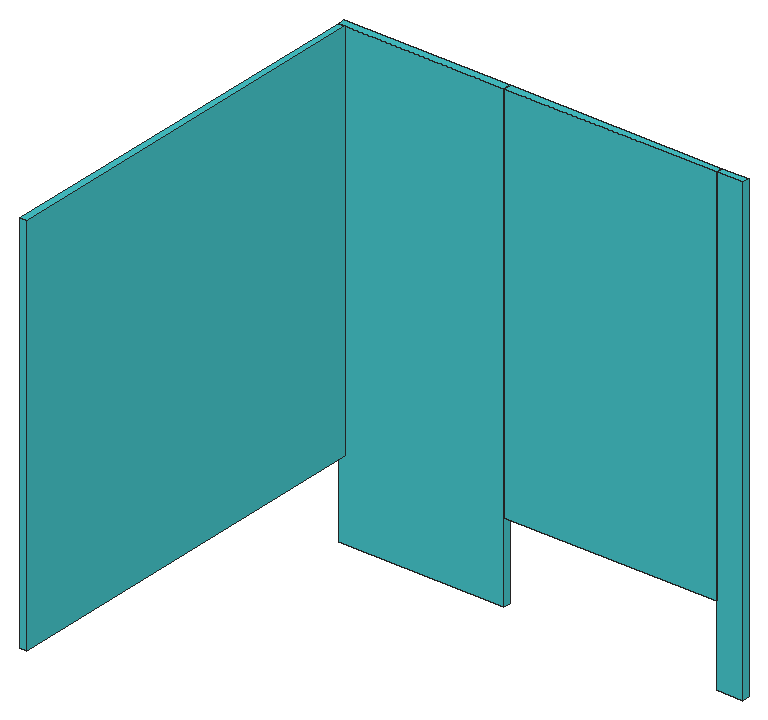
Revit family "PFX_A3-Toilet-Stall-Accessible-545", category Specialty Equipment, host Wall, Revit 2016
Family settings
  Host = Wall
  Part Type = Normal
  Round Connector Dimension = Use Diameter
  Always vertical = Yes
  Cut with Voids When Loaded = No
  Shared = No
  Room Calculation Point = No
Parameters (values of type "Toilet Stall 60" x 60" Clear")
  Assembly Code = "C1030100"
  Door Width = 2' - 8"
  Length = 5' - 0"
  Toilet Partition = Toilet Partition
  Width = 5' - 0"
Reference planes (in)
  plane 1: y = 0
  plane 2: x = 15.94107
  plane 3: y = 2.5
  plane 4 "Center (L/R)": x = 57.94107
  plane 5: x = -2.05893
  plane 6: y = 62.5
  plane 7 "Center (F/B)": y = 2.5
  plane 8: x = -3.05893
  plane 9: y = 63.5
  plane 10: z = 12
  plane 11: z = 70
  plane 12: x = 21.94107
  plane 13: x = 53.94107
Forms (in)
  Extrusion 1, solid, material "Toilet Partition" <- "Toilet Partition"
    sketch origin (-60, 2.5625, 0) x (-1, 0, 0) y (0, 0, 1)
      loop
        line (-57.94107, 70) -> (-57.94107, 12) -> (-56.94107, 12) -> (-56.94107, 70) -> (-57.94107, 70)
    from 0 to 59.9375
  Extrusion 2, solid, material "Toilet Partition" <- "Toilet Partition"
    sketch origin (0, 0, 0) x (1, 0, 0) y (0, 1, 0)
      loop
        line (-3.05893, 63.5) -> (-3.05893, 62.5) -> (21.94107, 62.5) -> (21.94107, 63.5) -> (-3.05893, 63.5)
      loop
        line (53.94107, 63.5) -> (53.94107, 62.5) -> (57.94107, 62.5) -> (57.94107, 63.5) -> (53.94107, 63.5)
    from 0 to 70
  Extrusion 3, solid, material "Toilet Partition" <- "Toilet Partition"
    sketch origin (0, 0, 0) x (1, 0, 0) y (0, 1, 0)
      loop
        line (21.94107, 63.5) -> (21.94107, 62.5) -> (53.94107, 62.5) -> (53.94107, 63.5) -> (21.94107, 63.5)
    from 12 to 70
Lines and regions (in)
  model lines, style "InvisibleLines"
    curve 1: line (57.94107, 2.5, 0) -> (57.94107, 62.5, 0)
    curve 6: line (57.94107, 2.5, 0) -> (57.94107, 2.5, 70)
  model lines, style "SpecialityEquipment"
    curve 2: line (-2.05893, 2.5, 12) -> (-3.05893, 2.5, 12)
    curve 3: line (-3.05893, 2.5, 12) -> (-3.05893, 2.5, 70)
    curve 4: line (-3.05893, 2.5, 70) -> (-2.05893, 2.5, 70)
    curve 5: line (-2.05893, 2.5, 70) -> (-2.05893, 2.5, 12)
  model lines, style "Toilet Accessories-Dashed"
    curve 7: line (-2.05893, 2.5, 70) -> (57.94107, 2.5, 70)
    curve 8: line (-2.05893, 2.5, 12) -> (57.94107, 2.5, 12)
  symbolic lines, style "Toilet Accessories"
    curve 9: line (-3.05893, 2.5625, 0) -> (-3.05893, 63.5, 0)
    curve 10: line (-3.05893, 63.5, 0) -> (21.94107, 63.5, 0)
    curve 11: line (21.94107, 63.5, 0) -> (21.94107, 62.5, 0)
    curve 12: line (21.94107, 62.5, 0) -> (-2.05893, 62.5, 0)
    curve 13: line (-2.05893, 62.5, 0) -> (-2.05893, 2.5, 0)
    curve 14: line (-2.05893, 2.5, 0) -> (-3.05893, 2.5625, 0)
    curve 15: line (53.94107, 63.5, 0) -> (57.94107, 63.5, 0)
    curve 16: line (57.94107, 62.5, 0) -> (53.94107, 62.5, 0)
    curve 17: line (53.94107, 62.5, 0) -> (53.94107, 63.5, 0)
    curve 20: line (53.94107, 63.5, 0) -> (53.94107, 95.5, 0)
    curve 21: line (53.94107, 95.5, 0) -> (52.94107, 95.5, 0)
    curve 22: line (52.94107, 95.5, 0) -> (52.94107, 63.5, 0)
    curve 23: line (52.94107, 63.5, 0) -> (53.94107, 63.5, 0)
    curve 24: arc (21.94107, 63.5, 0) -> (31.31365, 86.12742, 0) -> (53.94107, 95.5, 0) r 32
    curve 25: line (57.94107, 63.5, 0) -> (57.94107, 62.5, 0)
  symbolic lines, style "Toilet Accessories-Dashed"
    curve 18: line (21.94107, 0, 70) -> (53.94107, 0, 41)
    curve 19: line (53.94107, 0, 41) -> (21.94107, 0, 12)
Text (in)
  text "Placement Side" at (0, 40.15149, 123.01588), in view "Right"
  text "Placement Side, matches cursor" at (-5.04922, 100.0497, 0), in view "Floor Line"
  text "Placement Side" at (0, 65.23256, 117.93067), in view "Left"
Dimensions and locks (in)
  "Width": plane 5 to plane 4 "Center (L/R)"
  locked: plane 7 "Center (F/B)" to host wall
  "Length": plane 7 "Center (F/B)" to plane 6
  locked: plane 6 to plane 9 at 1
  locked: plane 8 to plane 5 at 1
  locked: plane 10 to plane 11 at 58
  locked: host wall to plane 10 at 12
  locked: plane 5 to plane 2 at 18
  locked: plane 13 to plane 4 "Center (L/R)" at 4
  "Door Width": plane 12 to plane 13
  equal spacing: plane 10, curve 19, plane 11
  aligned and locked: plane 3 to host wall
  aligned and locked: Extrusion 1 to plane 6
  aligned and locked: Extrusion 2 sketch curve to plane 4 "Center (L/R)"
  aligned and locked: Extrusion 3 sketch curve to Extrusion 2  (x3)
  aligned and locked: curve 3 to Extrusion 3
  aligned and locked: plane 10 to Extrusion 3
  aligned and locked: curve 18 to Extrusion 2
  aligned and locked: curve 19 to Extrusion 3
  aligned: curve 25 to Extrusion 2
Automatic sketch dimensions
  Extrusion 1 sketch curve to plane 5 = 0' - 0"
  Extrusion 1 sketch curve to plane 8 = 0' - 0"
  Extrusion 1 sketch curve to plane 10 = 0' - 0"
  Extrusion 1 sketch curve to plane 11 = 0' - 0"
  Extrusion 2 sketch curve to plane 6 = 0' - 0"  (x2)
  Extrusion 2 sketch curve to plane 12 = 0' - 0"
  Extrusion 2 sketch curve to plane 9 = 0' - 0"  (x2)
  Extrusion 2 sketch curve to plane 13 = 0' - 0"
  Extrusion 3 sketch curve to plane 6 = 0' - 0"
  Extrusion 2 sketch curve to plane 8 = 0' - 0"
  curve 18 to plane 11 = 0' - 0"
  curve 5 to plane 5 = 0' - 0"
  curve 5 to plane 10 = 0' - 0"
  curve 6 to level = 0' - 0"
  curve 2 to plane 8 = 0' - 0"
  curve 19 to plane 12 = 0' - 0"
  curve 19 to plane 13 = 0' - 0"
  curve 8 to plane 4 "Center (L/R)" = 0' - 0"
  curve 14 to plane 8 = 0' - 0"
  curve 14 to host wall = 0' - 0"
  curve 14 to plane 5 = 0' - 0"
  curve 12 to plane 6 = 0' - 0"
  curve 12 to plane 12 = 0' - 0"
  curve 23 to plane 9 = 0' - 0"
  curve 24 to plane 13 = 0' - 0"
  curve 1 to plane 4 "Center (L/R)" = 0' - 0"
  curve 1 to host wall = 0' - 0"
  curve 1 to plane 6 = 0' - 0"
  curve 9 to plane 9 = 0' - 0"
  curve 23 to plane 13 = 0' - 1"
  host wall to curve 14 = 0' - 0 1/16"
